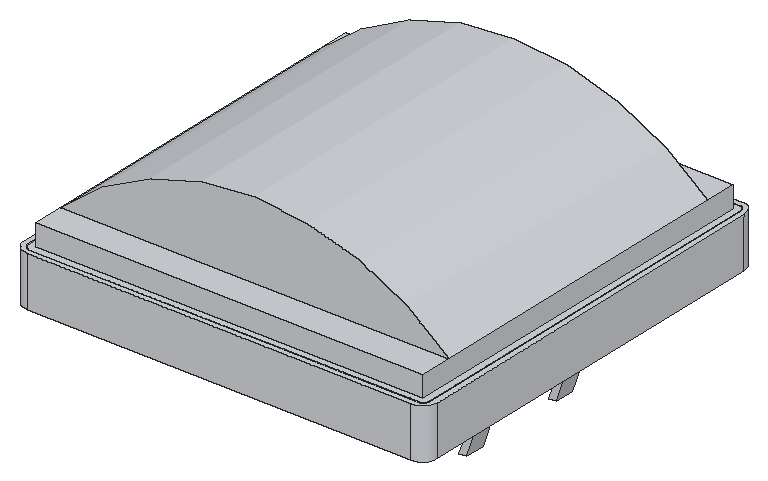
Revit family "Gira_5373005", category Electrical Fixtures, host Face, Revit 2017
Family settings
  Host = Face
  Maintain Annotation Orientation = Yes
  Round Connector Dimension = Use Diameter
  Part Type = Normal
  Cut with Voids When Loaded = No
  Shared = No
  Room Calculation Point = No
Parameters (values of type "S3000 motion detec.top 1.10 m Standard System 55 black m")
  URL = "http://katalog.gira.de/en/datenblatt.html?artikelnr=5373005"
  Name = "S3000 motion detec.top 1.10 m Standard System 55 black m"
  Model = "Movement sensor"
  Manufacturer URL = "https://www.gira.de/"
  Manufacturer = "Gira"
  Keynote = ""
  HeinzeBIM = "https://bimportal.heinze.de/bim/s3000-motion-detec-top-1-10-m-standard-system-55-black-m/4b1ee287b5f0a39eaac32a63c7bade04b84c1152"
  HAN = "5373005"
  GTIN = "4010337049845"
  Description = "S3000 mot.det.top 1.10m Std Sys55 BKm,System 3000 motion detector top unit 1.10 m Standard,System 55,black matt,Features:,- Automatic switching of lighting, depending on the movement of heat and ambient brightness.,- Operation with System 3000 switching or dimming insert or 3-wire auxiliary insert.,- Expansion of the detection range in combination with the 3-wire auxiliary insert.,- Adjustable brightness threshold.,- Sensitivity adjustable in four steps.,- When connecting a System 3000 auxiliary insert with an operating top unit or mechanical button to the main unit, the lighting can be switched on or dimmed for the duration of the delay time.,With System 3000 dimming insert:,- Switch on with the last brightness set, or a saved switch-on brightness.,- The switch-on brightness can only be saved permanently via the System 3000 auxiliary insert with operating top unit.,,Notes :,- The detection range is aligned horizontally and when used outdoors may fail to identify a boundary. When installing outdoors, find an appropriate location or use the 2.20 m motion detector top unit."
  Default Elevation = 1219.2 mm
  Data sheet (1) = "https://katalog.gira.de/en/download.html?artikelnr=5373005"
  Category = "Sensor element for movement sensor"
  BIM (1) = "https://media.stage.bim.site/public/gira/36a6b08/Bewegungsmelder_1,10m.rfa"
  Available = "No"
Reference planes
  plane 1 "Center (Front/Back)": y = 0
  plane 2: z = 0
  plane 3 "Center (Left/Right)": x = 0
Forms (mm)
  Extrusion 1, solid, detail levels fine
    sketch origin (0, 0, 0) x (1, 0, 0) y (0, 0, 1)
      loop
        line (-33.025, 12.126) -> (33.025, 12.126)
        arc (33.025, 12.126) -> (0, 25.3) -> (-33.025, 12.126) r 47.982
    from -27.6 to 27.6
  Extrusion 2, solid, detail levels fine
    sketch origin (0, 0, 0) x (1, 0, 0) y (0, 1, 0)
      loop
        line (33.025, 33.025) -> (-33.025, 33.025) -> (-33.025, -33.025) -> (33.025, -33.025) -> (33.025, 33.025)
    from 8.55 to 12.126
  Extrusion 3, solid, detail levels fine
    sketch origin (0, 0, 0) x (1, 0, 0) y (0, 1, 0)
      loop
        spline (-32.7, 35.2) -> (-33.027, 35.179) -> (-33.347, 35.115) -> (-33.657, 35.01) -> (-33.95, 34.865) -> (-34.222, 34.683) -> (-34.468, 34.468) -> (-34.683, 34.222) -> (-34.865, 33.95) -> (-35.01, 33.657) -> (-35.115, 33.347) -> (-35.179, 33.027) -> (-35.2, 32.7)
        line (-35.2, 32.7) -> (-35.2, -32.7)
        spline (-35.2, -32.7) -> (-35.179, -33.027) -> (-35.115, -33.347) -> (-35.01, -33.657) -> (-34.865, -33.95) -> (-34.683, -34.222) -> (-34.468, -34.468) -> (-34.222, -34.683) -> (-33.95, -34.865) -> (-33.657, -35.01) -> (-33.347, -35.115) -> (-33.027, -35.179) -> (-32.7, -35.2)
        line (-32.7, -35.2) -> (32.7, -35.2)
        spline (32.7, -35.2) -> (33.027, -35.179) -> (33.347, -35.115) -> (33.657, -35.01) -> (33.95, -34.865) -> (34.222, -34.683) -> (34.468, -34.468) -> (34.683, -34.222) -> (34.865, -33.95) -> (35.01, -33.657) -> (35.115, -33.347) -> (35.179, -33.027) -> (35.2, -32.7)
        line (35.2, -32.7) -> (35.2, 32.7)
        spline (35.2, 32.7) -> (35.179, 33.027) -> (35.115, 33.347) -> (35.01, 33.657) -> (34.865, 33.95) -> (34.683, 34.222) -> (34.468, 34.468) -> (34.222, 34.683) -> (33.95, 34.865) -> (33.657, 35.01) -> (33.347, 35.115) -> (33.027, 35.179) -> (32.7, 35.2)
        line (32.7, 35.2) -> (-32.7, 35.2)
      loop
        line (-34.2, 33.2) -> (-34.2, -33.2)
        spline (-34.2, -33.2) -> (-34.191, -33.331) -> (-34.166, -33.459) -> (-34.124, -33.583) -> (-34.066, -33.7) -> (-33.993, -33.809) -> (-33.907, -33.907) -> (-33.809, -33.993) -> (-33.7, -34.066) -> (-33.583, -34.124) -> (-33.459, -34.166) -> (-33.331, -34.191) -> (-33.2, -34.2)
        line (-33.2, -34.2) -> (33.2, -34.2)
        spline (33.2, -34.2) -> (33.331, -34.191) -> (33.459, -34.166) -> (33.583, -34.124) -> (33.7, -34.066) -> (33.809, -33.993) -> (33.907, -33.907) -> (33.993, -33.809) -> (34.066, -33.7) -> (34.124, -33.583) -> (34.166, -33.459) -> (34.191, -33.331) -> (34.2, -33.2)
        line (34.2, -33.2) -> (34.2, 33.2)
        spline (34.2, 33.2) -> (34.191, 33.331) -> (34.166, 33.459) -> (34.124, 33.583) -> (34.066, 33.7) -> (33.993, 33.809) -> (33.907, 33.907) -> (33.809, 33.993) -> (33.7, 34.066) -> (33.583, 34.124) -> (33.459, 34.166) -> (33.331, 34.191) -> (33.2, 34.2)
        line (33.2, 34.2) -> (-33.2, 34.2)
        spline (-33.2, 34.2) -> (-33.331, 34.191) -> (-33.459, 34.166) -> (-33.583, 34.124) -> (-33.7, 34.066) -> (-33.809, 33.993) -> (-33.907, 33.907) -> (-33.993, 33.809) -> (-34.066, 33.7) -> (-34.124, 33.583) -> (-34.166, 33.459) -> (-34.191, 33.331) -> (-34.2, 33.2)
    from 0 to 8.55
  Extrusion 4, solid, detail levels fine
    sketch origin (0, 0, 0) x (1, 0, 0) y (0, 1, 0)
      loop
        line (-34.2, 33.2) -> (-34.2, -33.2)
        spline (-34.2, -33.2) -> (-34.191, -33.331) -> (-34.166, -33.459) -> (-34.124, -33.583) -> (-34.066, -33.7) -> (-33.993, -33.809) -> (-33.907, -33.907) -> (-33.809, -33.993) -> (-33.7, -34.066) -> (-33.583, -34.124) -> (-33.459, -34.166) -> (-33.331, -34.191) -> (-33.2, -34.2)
        line (-33.2, -34.2) -> (33.2, -34.2)
        spline (33.2, -34.2) -> (33.331, -34.191) -> (33.459, -34.166) -> (33.583, -34.124) -> (33.7, -34.066) -> (33.809, -33.993) -> (33.907, -33.907) -> (33.993, -33.809) -> (34.066, -33.7) -> (34.124, -33.583) -> (34.166, -33.459) -> (34.191, -33.331) -> (34.2, -33.2)
        line (34.2, -33.2) -> (34.2, 33.2)
        spline (34.2, 33.2) -> (34.191, 33.331) -> (34.166, 33.459) -> (34.124, 33.583) -> (34.066, 33.7) -> (33.993, 33.809) -> (33.907, 33.907) -> (33.809, 33.993) -> (33.7, 34.066) -> (33.583, 34.124) -> (33.459, 34.166) -> (33.331, 34.191) -> (33.2, 34.2)
        line (33.2, 34.2) -> (-33.2, 34.2)
        spline (-33.2, 34.2) -> (-33.331, 34.191) -> (-33.459, 34.166) -> (-33.583, 34.124) -> (-33.7, 34.066) -> (-33.809, 33.993) -> (-33.907, 33.907) -> (-33.993, 33.809) -> (-34.066, 33.7) -> (-34.124, 33.583) -> (-34.166, 33.459) -> (-34.191, 33.331) -> (-34.2, 33.2)
    from 6.175 to 8.55
  Extrusion 5, solid, detail levels fine
    sketch origin (0, 0, 0) x (1, 0, 0) y (0, 1, 0)
      loop
        spline (-27.7, -27.1) -> (-27.696, -27.165) -> (-27.683, -27.229) -> (-27.662, -27.291) -> (-27.633, -27.35) -> (-27.597, -27.404) -> (-27.554, -27.454) -> (-27.504, -27.497) -> (-27.45, -27.533) -> (-27.391, -27.562) -> (-27.329, -27.583) -> (-27.265, -27.596) -> (-27.2, -27.6)
        line (-27.2, -27.6) -> (27.2, -27.6)
        spline (27.2, -27.6) -> (27.265, -27.596) -> (27.329, -27.583) -> (27.391, -27.562) -> (27.45, -27.533) -> (27.504, -27.497) -> (27.554, -27.454) -> (27.597, -27.404) -> (27.633, -27.35) -> (27.662, -27.291) -> (27.683, -27.229) -> (27.696, -27.165) -> (27.7, -27.1)
        line (27.7, -27.1) -> (27.7, 27.1)
        spline (27.7, 27.1) -> (27.696, 27.165) -> (27.683, 27.229) -> (27.662, 27.291) -> (27.633, 27.35) -> (27.597, 27.404) -> (27.554, 27.454) -> (27.504, 27.497) -> (27.45, 27.533) -> (27.391, 27.562) -> (27.329, 27.583) -> (27.265, 27.596) -> (27.2, 27.6)
        line (27.2, 27.6) -> (-27.2, 27.6)
        spline (-27.2, 27.6) -> (-27.265, 27.596) -> (-27.329, 27.583) -> (-27.391, 27.562) -> (-27.45, 27.533) -> (-27.504, 27.497) -> (-27.554, 27.454) -> (-27.597, 27.404) -> (-27.633, 27.35) -> (-27.662, 27.291) -> (-27.683, 27.229) -> (-27.696, 27.165) -> (-27.7, 27.1)
        line (-27.7, 27.1) -> (-27.7, -27.1)
      loop
        line (26.9, 26.8) -> (-26.9, 26.8) -> (-26.9, -26.8) -> (26.9, -26.8) -> (26.9, 26.8)
    from 0 to 6.175
  Extrusion 6, solid, detail levels fine
    sketch origin (0, 0, 0) x (1, 0, 0) y (0, 1, 0)
      loop
        line (-15.4, -23.928) -> (15.4, -23.928)
        arc (15.4, -23.928) -> (21.43, -21.43) -> (23.928, -15.4) r 8.528
        line (23.928, -15.4) -> (23.928, 15.4)
        arc (23.928, 15.4) -> (21.43, 21.43) -> (15.4, 23.928) r 8.528
        line (15.4, 23.928) -> (-15.4, 23.928)
        arc (-15.4, 23.928) -> (-21.43, 21.43) -> (-23.928, 15.4) r 8.528
        line (-23.928, 15.4) -> (-23.928, -15.4)
        arc (-23.928, -15.4) -> (-21.43, -21.43) -> (-15.4, -23.928) r 8.528
    from -0.985 to 1.6
  Extrusion 7, solid, detail levels fine
    sketch origin (0, 0, 0) x (1, 0, 0) y (0, 1, 0)
      loop
        line (-26.35, 18.301) -> (-26.35, -18.801)
        spline (-26.35, -18.801) -> (-26.286, -19.78) -> (-26.095, -20.742) -> (-25.779, -21.671) -> (-25.345, -22.551) -> (-24.8, -23.366) -> (-24.154, -24.104) -> (-23.416, -24.75) -> (-22.601, -25.295) -> (-21.721, -25.729) -> (-20.792, -26.045) -> (-19.83, -26.236) -> (-18.851, -26.3)
        line (-18.851, -26.3) -> (18.851, -26.3)
        spline (18.851, -26.3) -> (19.83, -26.236) -> (20.792, -26.045) -> (21.721, -25.729) -> (22.601, -25.295) -> (23.416, -24.75) -> (24.154, -24.104) -> (24.8, -23.366) -> (25.345, -22.551) -> (25.779, -21.671) -> (26.094, -20.742) -> (26.286, -19.78) -> (26.35, -18.801)
        line (26.35, -18.801) -> (26.35, 18.301)
        spline (26.35, 18.301) -> (26.286, 19.28) -> (26.094, 20.242) -> (25.779, 21.171) -> (25.345, 22.051) -> (24.8, 22.866) -> (24.154, 23.604) -> (23.416, 24.25) -> (22.601, 24.795) -> (21.721, 25.229) -> (20.792, 25.545) -> (19.83, 25.736) -> (18.851, 25.8)
        line (18.851, 25.8) -> (-18.851, 25.8)
        spline (-18.851, 25.8) -> (-19.83, 25.736) -> (-20.792, 25.545) -> (-21.721, 25.229) -> (-22.601, 24.795) -> (-23.416, 24.25) -> (-24.154, 23.604) -> (-24.8, 22.866) -> (-25.345, 22.051) -> (-25.779, 21.171) -> (-26.095, 20.242) -> (-26.286, 19.28) -> (-26.35, 18.301)
    from 1.6 to 6.1
  Extrusion 8, solid, detail levels fine
    sketch origin (0, 0, 0) x (1, 0, 0) y (0, 0, 1)
      loop
        line (-23.048, -13.343) -> (-21.665, -13.513) -> (-24.338, -6.363) -> (-23.36, 1.6) -> (-25.023, 1.6) -> (-24.975, -1.121) -> (-25.39, -6.541) -> (-23.048, -13.343)
      loop
        line (23.048, -13.343) -> (25.39, -6.541) -> (24.975, -1.121) -> (25.023, 1.6) -> (23.36, 1.6) -> (24.338, -6.363) -> (21.665, -13.513) -> (23.048, -13.343)
    from 7.9 to 11.14
  Extrusion 9, solid, detail levels fine
    sketch origin (0, 0, 0) x (1, 0, 0) y (0, 0, -1)
      loop
        line (-23.048, 13.343) -> (-25.39, 6.541) -> (-24.975, 1.121) -> (-25.023, -1.6) -> (-23.36, -1.6) -> (-24.338, 6.363) -> (-21.665, 13.513) -> (-23.048, 13.343)
      loop
        line (23.048, 13.343) -> (21.665, 13.513) -> (24.338, 6.363) -> (23.36, -1.6) -> (25.023, -1.6) -> (24.975, 1.121) -> (25.39, 6.541) -> (23.048, 13.343)
    from 7.9 to 11.14
  Extrusion 10, solid, detail levels fine
    sketch origin (0, 0, 0) x (1, 0, 0) y (0, 1, 0)
      loop
        line (-5.141, 20.681) -> (-5.141, 15.099)
        spline (-5.141, 15.099) -> (-5.133, 14.968) -> (-5.107, 14.84) -> (-5.065, 14.716) -> (-5.007, 14.599) -> (-4.935, 14.49) -> (-4.849, 14.391) -> (-4.75, 14.305) -> (-4.641, 14.233) -> (-4.524, 14.175) -> (-4.4, 14.133) -> (-4.272, 14.107) -> (-4.141, 14.099)
        line (-4.141, 14.099) -> (4.141, 14.099)
        spline (4.141, 14.099) -> (4.272, 14.107) -> (4.4, 14.133) -> (4.524, 14.175) -> (4.641, 14.233) -> (4.75, 14.305) -> (4.849, 14.391) -> (4.935, 14.49) -> (5.007, 14.599) -> (5.065, 14.716) -> (5.107, 14.84) -> (5.133, 14.968) -> (5.141, 15.099)
        line (5.141, 15.099) -> (5.141, 20.681)
        spline (5.141, 20.681) -> (5.133, 20.812) -> (5.107, 20.94) -> (5.065, 21.064) -> (5.007, 21.181) -> (4.935, 21.29) -> (4.849, 21.389) -> (4.75, 21.475) -> (4.641, 21.547) -> (4.524, 21.605) -> (4.4, 21.647) -> (4.272, 21.673) -> (4.141, 21.681)
        line (4.141, 21.681) -> (-4.141, 21.681)
        spline (-4.141, 21.681) -> (-4.272, 21.673) -> (-4.4, 21.647) -> (-4.524, 21.605) -> (-4.641, 21.547) -> (-4.75, 21.475) -> (-4.849, 21.389) -> (-4.935, 21.29) -> (-5.007, 21.181) -> (-5.065, 21.064) -> (-5.107, 20.94) -> (-5.133, 20.812) -> (-5.141, 20.681)
    from -17.3 to -0.985
  Extrusion 11, solid, detail levels medium
    sketch origin (0, 0, 0) x (1, 0, 0) y (0, 1, 0)
      loop
        line (33.025, 33.025) -> (-33.025, 33.025) -> (-33.025, -33.025) -> (33.025, -33.025) -> (33.025, 33.025)
    from 8.55 to 25.3
  Extrusion 12, solid, detail levels medium
    sketch origin (0, 0, 0) x (1, 0, 0) y (0, 1, 0)
      loop
        line (-35.2, 35.2) -> (-35.2, -35.2) -> (35.2, -35.2) -> (35.2, 35.2) -> (-35.2, 35.2)
    from 0 to 8.55
  Extrusion 13, solid, detail levels medium
    sketch origin (0, 0, 0) x (1, 0, 0) y (0, 0, 1)
      loop
        line (-25.023, 1.6) -> (-25.023, -13.1) -> (-21.665, -13.513) -> (-21.665, 1.6) -> (-25.023, 1.6)
      loop
        line (25.023, 1.6) -> (21.665, 1.6) -> (21.665, -13.513) -> (25.023, -13.1) -> (25.023, 1.6)
    from 8 to 11.14
  Extrusion 14, solid, detail levels medium
    sketch origin (0, 0, 0) x (1, 0, 0) y (0, 0, -1)
      loop
        line (-25.023, -1.6) -> (-21.665, -1.6) -> (-21.665, 13.513) -> (-25.023, 13.1) -> (-25.023, -1.6)
      loop
        line (25.023, -1.6) -> (25.023, 13.1) -> (21.665, 13.513) -> (21.665, -1.6) -> (25.023, -1.6)
    from 8 to 11.14
  Extrusion 15, solid, detail levels medium
    sketch origin (0, 0, 0) x (1, 0, 0) y (0, 1, 0)
      loop
        line (-5.141, 21.681) -> (-5.141, 14.099) -> (5.141, 14.099) -> (5.141, 21.681) -> (-5.141, 21.681)
    from -17.3 to -0.985
  Extrusion 16, solid, detail levels coarse
    sketch origin (0, 0, 0) x (1, 0, 0) y (0, 1, 0)
      loop
        line (-35.2, 35.2) -> (-35.2, -35.2) -> (35.2, -35.2) -> (35.2, 35.2) -> (-35.2, 35.2)
    from -17.3 to 25.3
Dimensions and locks
  aligned and locked: plane 2 to host face
  aligned and locked: level to host face
  aligned and locked: nested 1 to plane 3 "Center (Left/Right)"
  aligned and locked: plane 1 "Center (Front/Back)" to nested 1
Nested families
  nested 1: "Belegungssensor - Bewegung - Aufputz - Beschriftung" at (0, 0, 0) x (0, -1, 0) z (0, 0, 1), type "Belegungssensor - Bewegung - Aufputz - Beschriftung"
Connectors
  electrical at (0, 0, -17.3)
    settings: on Extrusion 16, index 1, voltage 220 V, apparent load 0 VA, apparent load phase1 0 VA, apparent load phase2 0 VA, apparent load phase3 0 VA, power factor 1, load classification "Other", number of poles 1, system type 30, power factor state 1, is connector primary yes, connector utility no, sub classification motor no, connector description ""
Definition of nested family "Belegungssensor - Bewegung - Aufputz - Beschriftung"
  Reference planes
    plane 1: y = 0
    plane 2: x = 0
  Lines and regions (mm)
    Filled region 1, type "Gefüllter Bereich 1"
      outline origin (143.425, -20.712, 0) x (1, 0, 0) y (0, 1, 0)
        loop
          line (-148.697, 21.204) -> (-148.697, 20.409) -> (-147.583, 20.807) -> (-148.697, 21.204)
    Filled region 2, type "Gefüllter Bereich 1"
      outline origin (141.808, 30.001, 0) x (0.939693, 0.34202, 0) y (-0.34202, 0.939693, 0)
        loop
          line (-148.694, 21.203) -> (-148.694, 20.41) -> (-147.583, 20.807) -> (-148.694, 21.203)
    Filled region 3, type "Gefüllter Bereich 1"
      outline origin (141.819, -29.825, 0) x (-0.34202, -0.939693, 0) y (0.939693, -0.34202, 0)
        loop
          line (21.204, -148.697) -> (20.807, -147.583) -> (20.409, -148.697) -> (21.204, -148.697)
    detail lines
      curve 1: line (-1.207, 0.095, 0) -> (-3.486, 1.411, 0)
      curve 2: line (-1.207, 0.095, 0) -> (-3.486, -1.221, 0)
      curve 5: arc (-3.252, 1.752, 0) -> (-3.839, 0.095, 0) -> (-3.252, -1.562, 0) r 2.632
      curve 6: line (-6, 3, 0) -> (0, 3, 0)
      curve 7: line (-6, -3, 0) -> (-6, 3, 0)
      curve 8: line (0, -3, 0) -> (-6, -3, 0)
      curve 9: line (0, 3, 0) -> (0, -3, 0)
    reference lines
      curve 3: line (-1.207, 0.095, 0) -> (-3.616, 2.046, 0)
      curve 4: line (-1.207, 0.095, 0) -> (-3.616, -1.856, 0)
  Dimensions and locks
    curve 1 to curve 1 = 2.632 mm
    curve 2 to curve 2 = 2.632 mm
    curve 6 to curve 8 = 6 mm
    curve 7 to curve 9 = 6 mm
    angle curve 1 to curve 2 = 60.00°
    aligned and locked: curve 6 to curve 7
    aligned and locked: curve 9 to curve 9
